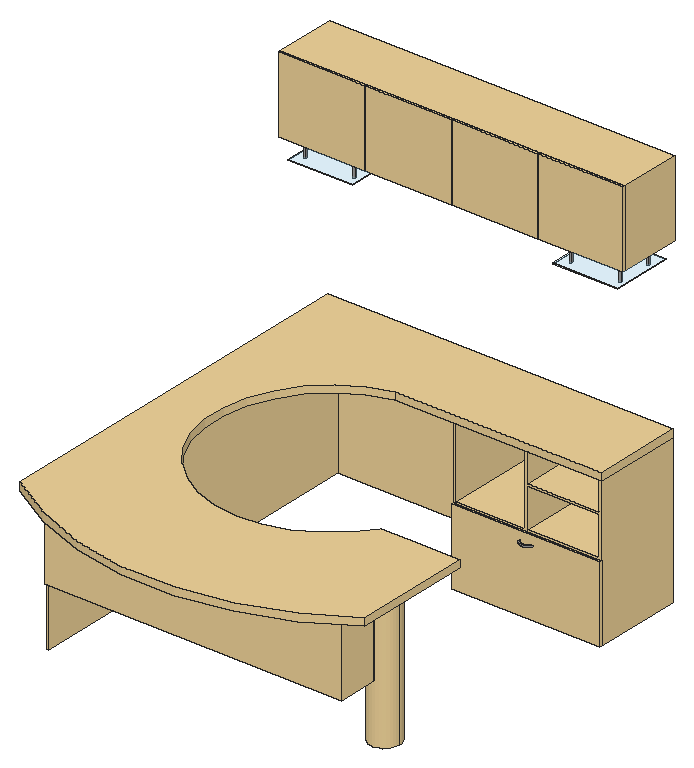
Revit family
Parameters
  Plastic [instance] = none
  Metal Perf [instance] = Cherry
  Metal [instance] = Metal
  Handle = Cherry
  Cherry Wood [instance] = Cherry
Reference planes (in)
  plane 1 "Center F/B": y = 0
  plane 2: z = 0
  plane 3 "Center L/R": x = 0
Forms (in)
  Extrusion 1, solid, material "Cherry" <- "Cherry Wood"
    sketch origin (0, 0, 0) x (1, 0, 0) y (0, 1, 0)
      loop
        circle (0, 0) r 3
    from 0 to 30
  Extrusion 2, solid, material "Cherry" <- "Cherry Wood"
    sketch origin (0, 0, 30) x (1, 0, 0) y (0, 1, 0)
      loop
        line (0.25, -3) -> (0.25, -2.5) -> (-0.25, -2.5) -> (-0.25, -3) -> (-0.25, -10.75) -> (-60, -10.75) -> (-60, -11.25) -> (0.25, -11.25) -> (0.25, -3)
    from -18 to 0
  Extrusion 3, solid, material "Cherry" <- "Cherry Wood"
    sketch origin (0, 0, 30) x (1, 0, 0) y (0, 1, 0)
      loop
        line (0, 9) -> (-8, 9)
        arc (-8, 9) -> (-47.52075, 7.84613) -> (-34, 45) r 23.89206
        line (-34, 45) -> (8, 45) -> (8, 63) -> (-62, 63) -> (-62, -15)
        arc (-62, -15) -> (-27, -26.43164) -> (8, -15) r 59.29517
        line (8, -15) -> (8, 9) -> (0, 9)
    from 0 to 1.5
  Extrusion 4, solid, material "Cherry" <- "Cherry Wood"
    sketch origin (8, 45, 30) x (-1, 0, 0) y (0, 0, -1)
      loop
        line (0, 0) -> (0.5, 0) -> (0.5, 29.5) -> (29.5, 29.5) -> (29.5, 0) -> (30, 0) -> (30, 30) -> (0, 30) -> (0, 0)
    from -18 to 0
  Extrusion 5, solid, material "Cherry" <- "Cherry Wood"
    sketch origin (8, 45, 30) x (-1, 0, 0) y (0, 0, -1)
      loop
        line (29.5, 14.75) -> (0.5, 14.75) -> (0.5, 14.25) -> (15, 14.25) -> (15, 6.25) -> (0.5, 6.25) -> (0.5, 5.75) -> (15, 5.75) -> (15, 0) -> (15.5, 0) -> (15.5, 14.25) -> (29.5, 14.25) -> (29.5, 14.75)
    from -18 to 0
  Extrusion 6, solid, material "Cherry" <- "Cherry Wood"
    sketch origin (8, 45, 30) x (-1, 0, 0) y (0, 0, -1)
      loop
        line (30, 14.5) -> (30, 30) -> (0, 30) -> (0, 14.5) -> (30, 14.5)
    from 0 to 0.5
  Extrusion 7, solid, material "Metal" <- "Metal"
    sketch origin (8, 44.5, 30) x (-1, 0, 0) y (0, 0, -1)
      loop
        line (15, 16.5) -> (13.5, 16.5) -> (13.5, 16.25) -> (15, 16.25) -> (16.5, 16.25) -> (16.5, 16.5) -> (15, 16.5)
    from 0 to 2
  Extrusion 8, void
    sketch origin (-8.5, 44.5, 13.75) x (0, 1, 0) y (1, 0, 0)
      loop
        arc (0, 0) -> (-0.91678, 1.5) -> (0, 3) r 1.68551
        line (0, 3) -> (-2, 3) -> (-2, 0) -> (0, 0)
      loop
        line (0, 0.25) -> (0, 2.75)
        arc (0, 2.75) -> (-0.69031, 1.5) -> (0, 0.25) r 1.47689
    from 0 to 2
  Extrusion 9, solid, material "Cherry" <- "Cherry Wood"
    sketch origin (0, 0, 30) x (1, 0, 0) y (0, 1, 0)
      loop
        line (-60, -10.75) -> (-59.5, -10.75) -> (-59.5, 62.5) -> (8, 62.5) -> (8, 63) -> (-60, 63) -> (-60, -10.75)
    from 0 to -30
  Extrusion 10, solid, material "Cherry" <- "Cherry Wood"
    sketch origin (0, 0, 30) x (1, 0, 0) y (0, 1, 0)
      loop
        line (-62, 63) -> (-62, 51) -> (8, 51) -> (8, 63) -> (-62, 63)
    from 36 to 35.5
  Extrusion 11, solid, material "Cherry" <- "Cherry Wood"
    sketch origin (8, 51, 30) x (-1, 0, 0) y (0, 0, -1)
      loop
        line (70, -36) -> (69.5, -36) -> (69.5, -50.5) -> (0.5, -50.5) -> (0.5, -36) -> (0, -36) -> (0, -51) -> (70, -51) -> (70, -36)
    from 0 to -12
  Extrusion 12, solid, material "Cherry" <- "Cherry Wood"
    sketch origin (8, 63, 30) x (1, 0, 0) y (0, 0, -1)
      loop
        line (0, -51) -> (0, -35.5) -> (-70, -35.5) -> (-70, -51) -> (0, -51)
    from 0 to 0.5
  Extrusion 13, solid, material "Cherry" <- "Cherry Wood"
    sketch origin (8, 51, 30) x (-1, 0, 0) y (0, 0, -1)
      loop
        line (34.75, -51) -> (35.25, -51) -> (35.25, -35.5) -> (34.75, -35.5) -> (34.75, -51)
    from 0 to -12
  Extrusion 14, solid, material "Cherry" <- "Cherry Wood"
    sketch origin (8, 51, 30) x (-1, 0, 0) y (0, 0, -1)
      loop
        line (70, -51) -> (70, -35.5) -> (52.4219, -35.5) -> (52.4219, -51) -> (70, -51)
    from 0 to 0.5
  Extrusion 15, solid, material "Cherry" <- "Cherry Wood"
    sketch origin (25.5781, 51, 30) x (-1, 0, 0) y (0, 0, -1)
      loop
        line (70, -51) -> (70, -35.5) -> (52.3281, -35.5) -> (52.3281, -51) -> (70, -51)
    from 0 to 0.5
  Extrusion 16, solid, material "Cherry" <- "Cherry Wood"
    sketch origin (43.15621, 51, 30) x (-1, 0, 0) y (0, 0, -1)
      loop
        line (70, -51) -> (70, -35.5) -> (52.4219, -35.5) -> (52.4219, -51) -> (70, -51)
    from 0 to 0.5
  Extrusion 17, solid, material "Cherry" <- "Cherry Wood"
    sketch origin (60.73431, 51, 30) x (-1, 0, 0) y (0, 0, -1)
      loop
        line (70, -51) -> (70, -35.5) -> (52.73431, -35.5) -> (52.73431, -51) -> (70, -51)
    from 0 to 0.5
  Extrusion 18, solid, material "Metal" <- "Metal"
    sketch origin (0, 0, 65.5) x (0, 1, 0) y (1, 0, 0)
      loop
        circle (60.5, -59) r 0.25
      loop
        circle (53.5, -59) r 0.25
      loop
        circle (60.5, -49) r 0.25
      loop
        circle (53.5, -49) r 0.25
      loop
        circle (60.5, 5) r 0.25
      loop
        circle (53.5, 5) r 0.25
      loop
        circle (60.5, -5) r 0.25
      loop
        circle (53.5, -5) r 0.25
    from 0 to 4
  Extrusion 19, solid, material "Glass"
    sketch origin (0, 0, 65.5) x (0, 1, 0) y (1, 0, 0)
      loop
        line (63.5, -60.42414) -> (63.5, -47.276) -> (51, -47.276) -> (51, -60.42414) -> (63.5, -60.42414)
      loop
        line (63.5, 6.42414) -> (51, 6.42414) -> (51, -6.724) -> (63.5, -6.724) -> (63.5, 6.42414)
    from 4 to 3.75
Cuts and joins
  joined: Extrusion 1, Extrusion 2
  Extrusion 8 cuts Extrusion 6
  Extrusion 8 cuts Extrusion 7
  joined: Extrusion 4, Extrusion 5, Extrusion 9
  joined: Extrusion 10, Extrusion 11, Extrusion 12, Extrusion 13
